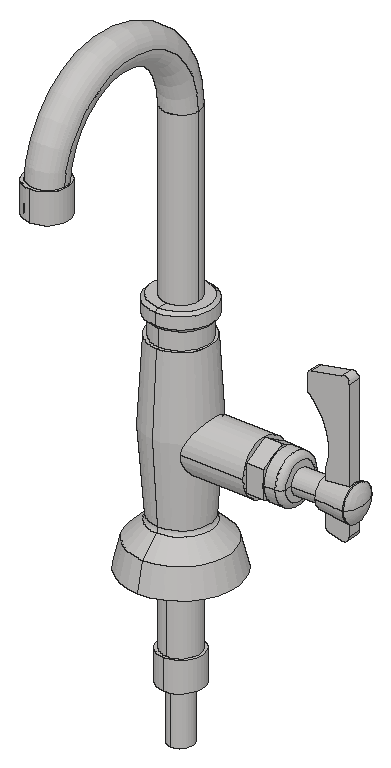
Revit family "Krowne_16-202L_DeckMount_Faucet", category Plumbing Fixtures, Revit 2018
Family settings
  Round Connector Dimension = Use Diameter
  Part Type = Normal
  OmniClass Number = 23.40.40.00
  OmniClass Title = Food Service Equipment and Furnishings
  Work Plane-Based = No
  Always vertical = Yes
  Cut with Voids When Loaded = No
  Shared = No
  Room Calculation Point = No
Parameters (values of type "DefaultType")
  Width = 4 5/8"
  Weight in Pounds = 5
  Watermarked By = ""
  Waste Water Discharge Temperature [instance] = -459.67 °F
  URL Cutsheet = ""
  URL = "https://krowne.com/"
  Status [instance] = ""
  Specification by User [instance] = ""
  Specification by Manufacturer [instance] = ""
  Serial Number [instance] = ""
  Revision Code [instance] = ""
  Plumbing Remarks [instance] = ""
  Plumbing Connection Type = ""
  NAFEM Spec ID Number [instance] = ""
  Model = "16-202L"
  Masterspec [instance] = ""
  Manufacturer = "Krowne Metal"
  KCLRef = "KCL2C9,,0004c5a8-0000-0000-0000-000000000307,KR,16-202L ,637112008020000000,d7726d96-0157-4bf8-9039-5ded62db1aae,56940d73-a319-4f29-8a30-5c94d5d0fa74"
  KCL SpecSheet URL = "http://kclweb.kclcad.com/imagehandler.ashx?kdoc=16-2xxl&R=KR&M=16-202L%20&VC=7&TID=KCLWeb&T=doc"
  Item Number [instance] = "-"
  Installed By [instance] = ""
  Hot Water Temperature = 100 °F
  Height = 3 3/8"
  Furnished By [instance] = ""
  Foodservice Equipment Identifier = yes
  Description = "Deck Mount Faucet"
  Depth = 4 7/16"
  Cold Water Temperature Recommended = -459.67 °F
  Cold Water Size = 1/2"
  Cold Water RI Height [instance] = 0"
  Cold Water Minimum Pressure = 0.00 psi
  Cold Water Maximum Pressure = 0.00 psi
  Cold Water Flow = 0.5 GPM
  Cold Water Consumption = ""
  Cold Water Connection Height = 0"
  CSI MasterFormat = ""
  Assembly Code = "E1090300"
Reference planes (in)
  plane 1 "BACK": y = 0.1875
  plane 2: z = 0
  plane 3 "LEFT": x = -13.69073
  plane 4 "CENTER L/R": x = -12.56573
  plane 5: y = -0.9375
  plane 6: z = 10.8125
  plane 7 "Faucet Lip": z = 8.1875
  plane 8: y = -4.4375
  plane 9: z = 5.125
  plane 10: x = -8.87823
Forms (in)
  Extrusion 1, solid, material "QF_Stainless-Polished"
    sketch origin (0, 0, 8.1875) x (0, 1, 0) y (-1, 0, 0)
      loop
        circle (-4.4375, 12.56573) r 0.375
      loop
        circle (-4.4375, 12.56573) r 0.4375
    from 0 to 0.625
  Sweep 2, solid, material "QF_Stainless-Polished"
    path origin (-12.56573, 0, 0) x (0, 1, 0) y (0, 0, 1)
      loop
        line (-0.9375, 5.125) -> (-0.9375, 8.6875)
        arc (-0.9375, 8.6875) -> (-2.6875, 10.4375) -> (-4.4375, 8.6875) r 1.75
        line (-4.4375, 8.6875) -> (-4.4375, 8.1875)
    profile origin (-12.56573, -0.9375, 6.90625) x (0, -1, 0) y (1, 0, 0)
      loop
        circle (0, 0) r 0.375
Lines and regions (in)
  symbolic lines
    curve 1: arc (-12.56573, -1.3125, 0) -> (-12.94073, -0.9375, 0) -> (-12.56573, -0.5625, 0) r 0.375
    curve 2: arc (-12.56573, -0.5625, 0) -> (-12.19073, -0.9375, 0) -> (-12.56573, -1.3125, 0) r 0.375
    curve 3: arc (-12.94073, -4.5, 0) -> (-12.83089, -4.76517, 0) -> (-12.56573, -4.875, 0) r 0.375
    curve 4: arc (-12.56573, -4.875, 0) -> (-12.30056, -4.76517, 0) -> (-12.19073, -4.5, 0) r 0.375
    curve 5: line (-12.94073, -4.5, 0) -> (-12.94073, -0.9375, 0)
    curve 6: line (-12.19073, -0.9375, 0) -> (-12.19073, -4.5, 0)
Dimensions and locks (in)
  plane 8 to plane 5 = 3 1/2"
  plane 7 "Faucet Lip" to plane 9 = 3 1/16"
  plane 5 to plane 1 "BACK" = 1 1/8"
  plane 6 to plane 9 = 5 11/16"
  plane 3 "LEFT" to plane 10 = 4 13/16"
  aligned and locked: level to plane 2
  aligned and locked: plane 5 to nested 1
  aligned and locked: Sweep 2 sketch curve to plane 8
Nested families (in)
  nested 1: "QF_Krowne_16-2_Body" at (-0.1875, 0.1875, 0), type "QF_Krowne_16-2_Body"
Connectors (in)
  piping at (-12.56573, -0.9375, -3.25), diameter 0.5, driven by "Cold Water Flow", driven by "Cold Water Size"
    settings: on nested 1, index 1, connector inside diameter 24", connector length 0", flow factor 0, pipe flow 0.5 GPM, pressure drop 0.00 psi, fitting loss kfactor 0, connector angle 0.00°, fixture units 0, engagement length 0", angle of deflection 0.00°, flow configuration 1, flow direction 1, fitting loss method 0, system type 20, joint type 0, gender type 0, connector reference index -1, connector utility 0, adjustable connector no, is connector primary yes, connector description ""
Definition of nested family "QF_Krowne_16-2_Body"
  Parameters (values of type "QF_Krowne_16-2_Body")
    Width = 2 1/4"
    Watermarked By = ""
    Height = 3 7/8"
    Description = ""
    Depth = 2 1/4"
  Reference planes (in)
    plane 1 "BACK": y = 0
    plane 2: z = 0
    plane 3 "LEFT": x = -13.50323
    plane 4 "RIGHT": x = -11.25323
    plane 5 "Center": x = -12.37823
    plane 6 "FRONT": y = -2.25
    plane 7 "Faucet Handle Center": y = -1.125
    plane 8: z = 4.375
    plane 9: z = 4.75
    plane 10 "TOP": z = 5.125
    plane 11: z = 2.5
    plane 12: x = -10.56573
    plane 13: x = -8.69073
  Forms (in)
    Revolve 1, solid
      sketch origin (-12.37823, 0, 0) x (0, 1, 0) y (0, 0, 1)
        loop
          line (-1.125, 0) -> (0, 0) -> (-0.13978, 0.55911) -> (-0.49693, 0.91626)
          arc (-0.49693, 0.91626) -> (-0.5271, 0.96505) -> (-0.5323, 1.02217) r 0.125
          arc (-0.5323, 1.02217) -> (-0.40613, 2.69753) -> (-0.5, 4.375) r 12.82782
          line (-0.5, 4.375) -> (-1.125, 4.375) -> (-1.125, 0)
        axis (-1.125, 0) -> (-1.125, 4.375)
      angle from 0 to 360
    Revolve 2, solid
      sketch origin (-12.37823, 0, 0) x (0, 1, 0) y (0, 0, 1)
        loop
          line (-1.125, 5.125) -> (-1.125, 4.375) -> (-0.5625, 4.375) -> (-0.5625, 4.75) -> (-0.53067, 4.75) -> (-0.46817, 4.8125) -> (-0.46817, 5.0625) -> (-0.53067, 5.125) -> (-1.125, 5.125)
        axis (-1.125, 4.375) -> (-1.125, 5.125)
      angle from 0 to 360
    Extrusion 3, solid
      sketch origin (-12.37823, 0, 0) x (0, 1, 0) y (0, 0, 1)
        loop
          circle (-1.125, 2.5) r 0.5625
      from 0 to 1.75
    Revolve 4, solid
      sketch origin (-12.37823, 0, 0) x (0, 1, 0) y (0, 0, 1)
        loop
          line (-1.125, 0) -> (-1.125, -3.0198) -> (-0.9375, -3.0198) -> (-0.9375, -3.25) -> (-0.875, -3.25) -> (-0.875, -2.125) -> (-0.6875, -2.125) -> (-0.6875, -1.5) -> (-0.75, -1.5) -> (-0.75, 0) -> (-1.125, 0)
        axis (-1.125, 0) -> (-1.125, -3.25)
      angle from 0 to 360
  Lines and regions (in)
    symbolic lines
      curve 1: line (-10.62823, -0.5625, 1.0625) -> (-10.62823, -1.6875, 1.0625)
      curve 2: circle (-12.37823, -1.125, 0) r 1.125 normal (0, 0, 1)
      curve 3: circle (-12.37823, -1.125, 0) r 0.75 normal (0, 0, 1)
      curve 4: circle (-12.37823, -1.125, 0) r 0.59433 normal (0, 0, 1)
      curve 5: line (-10.62823, -0.5625, 0) -> (-11.40395, -0.5625, 0)
      curve 6: line (-10.62823, -1.6875, 0) -> (-11.40395, -1.6875, 0)
  Dimensions and locks (in)
    "Width": plane 3 "LEFT" to plane 4 "RIGHT"
    equal spacing: plane 3 "LEFT", plane 5 "Center", plane 4 "RIGHT"
    equal spacing: plane 6 "FRONT", plane 7 "Faucet Handle Center", plane 1 "BACK"
    "Depth": plane 6 "FRONT" to plane 1 "BACK"
    equal spacing: plane 10 "TOP", plane 9, plane 8
    locked: plane 10 "TOP" to plane 8 at 0.75
    plane 10 "TOP" to level = 5 1/8"
    plane 11 to level = 2 1/2"
    locked: plane 4 "RIGHT" to plane 12 at 0.6875
    plane 12 to plane 13 = 1 7/8"
    plane 3 "LEFT" to plane 13 = 4 13/16"
    aligned and locked: level to plane 2
    aligned and locked: plane 7 "Faucet Handle Center" to Revolve 1 sketch curve
    aligned and locked: Revolve 2 sketch curve to plane 7 "Faucet Handle Center"
    aligned and locked: Revolve 2 sketch curve to plane 8
    aligned and locked: plane 11 to nested 1
    aligned and locked: plane 7 "Faucet Handle Center" to nested 1
  Automatic sketch dimensions
    Revolve 2 sketch curve to plane 7 "Faucet Handle Center" = 0"
    Revolve 2 sketch curve to plane 9 = 0"
    Revolve 2 sketch curve to plane 10 "TOP" = 0"  (x2)
    Revolve 2 sketch curve to plane 8 = 0"
    plane 1 "BACK" to Revolve 2 sketch curve = 9/16"
    Revolve 2 sketch curve to Revolve 2 sketch curve = 0.03183"
    plane 1 "BACK" to Revolve 2 sketch curve = 0.53067"
    Revolve 2 sketch curve to Revolve 2 sketch curve = 1/16"
    plane 9 to Revolve 2 sketch curve = 1/16"
    Revolve 2 sketch curve to plane 10 "TOP" = 1/16"
    Extrusion 3 sketch curve to plane 7 "Faucet Handle Center" = 0"
    Extrusion 3 sketch curve to plane 11 = 0"
    curve 1 to plane 6 "FRONT" = 9/16"
    Revolve 1 sketch curve to level = 0"  (x2)
    Revolve 1 sketch curve to plane 7 "Faucet Handle Center" = 0"
    Revolve 1 sketch curve to plane 8 = 0"  (x2)
    Revolve 1 sketch curve to plane 1 "BACK" = 0"
    plane 11 to Revolve 1 sketch curve = 0.32111"
    plane 1 "BACK" to Revolve 1 sketch curve = 0.40854"
    plane 1 "BACK" to Revolve 1 sketch curve = 0.13978"
    level to Revolve 1 sketch curve = 0.55911"
    Revolve 1 sketch curve to Revolve 1 sketch curve = 0.44554"
    Revolve 1 sketch curve to Revolve 1 sketch curve = 0.12376"
    Revolve 1 sketch curve to Revolve 1 sketch curve = 0"
    Revolve 1 sketch curve to Revolve 1 sketch curve = 0.03538"
    Revolve 1 sketch curve to Revolve 1 sketch curve = 0.10592"
    curve 2 to curve 3 = 0"
    curve 2 to curve 4 = 0"  (x2)
    curve 3 to curve 4 = 0"
    curve 3 to plane 5 "Center" = 0"
    plane 7 "Faucet Handle Center" to curve 4 = 0"
    curve 5 to plane 4 "RIGHT" = 0.15072"
    curve 6 to plane 4 "RIGHT" = 0.15072"
    curve 6 to plane 12 = 1/16"
    curve 5 to plane 12 = 1/16"
    plane 1 "BACK" to curve 5 = 9/16"
    plane 1 "BACK" to curve 1 = 9/16"
    curve 1 to plane 12 = 1/16"
    Revolve 4 sketch curve to level = 0"  (x2)
    Revolve 4 sketch curve to plane 7 "Faucet Handle Center" = 0"  (x2)
    Revolve 4 sketch curve to plane 7 "Faucet Handle Center" = 3/8"
    Revolve 4 sketch curve to Revolve 4 sketch curve = 1/16"  (x2)
    Revolve 4 sketch curve to level = 1 1/2"
    Revolve 4 sketch curve to Revolve 4 sketch curve = 5/8"
    Revolve 4 sketch curve to Revolve 4 sketch curve = 3/16"
    Revolve 4 sketch curve to Revolve 4 sketch curve = 0.8948"
    Revolve 4 sketch curve to Revolve 4 sketch curve = 0.2302"  (x2)
    radius of Extrusion 3 sketch curve = 9/16"
    radius of curve 3 = 3/4"
    radius of curve 4 = 0.59433"
  Nested families (in)
    nested 1: "QF_Krowne_Faucet_Knob" at (-2.25, -0.21875, 2.5), type "QF_Krowne_Faucet_Knob"
  Definition of nested family "QF_Krowne_Faucet_Knob"
    Parameters (values of type "QF_Krowne_Faucet_Knob")
      Width = 12 3/4"
      Watermarked By = ""
      Height = 3 7/8"
      Description = ""
      Depth = 1 13/16"
    Reference planes (in)
      plane 1 "BACK": y = 0
      plane 2: z = 0
      plane 3 "Right of Handle": x = -8.37823
      plane 4 "FRONT": y = -1.8125
      plane 5 "Faucet Handle Center": y = -0.90625
      plane 6: y = -0.78125
      plane 7: y = -1.03125
    Forms (in)
      Extrusion 1, solid
        sketch origin (-8.37823, 0, 8.37823) x (0, 1, 0) y (0, 0, 1)
          loop
            line (-0.90625, -7.81573) -> (-1.39339, -8.09698) -> (-1.39339, -8.65948) -> (-0.90625, -8.94073) -> (-0.41911, -8.65948) -> (-0.41911, -8.09698) -> (-0.90625, -7.81573)
        from 0 to 0.375
      Revolve 2, solid
        sketch origin (-12.37823, 0, 0) x (0, 1, 0) y (-1, 0, 0)
          loop
            line (-0.90625, -4.375) -> (-0.90625, -4.75) -> (-0.53125, -4.75)
            arc (-0.53125, -4.75) -> (-0.44286, -4.71339) -> (-0.40625, -4.625) r 0.125
            line (-0.40625, -4.625) -> (-0.40625, -4.375) -> (-0.90625, -4.375)
          axis (-0.90625, -4.375) -> (-0.90625, -4.75)
        angle from 0 to 360
      Revolve 3, solid
        sketch origin (-12.37823, 0, 0) x (0, 1, 0) y (-1, 0, 0)
          loop
            line (-0.90625, -4.75) -> (-0.90625, -5.3125) -> (-0.65625, -5.3125) -> (-0.65625, -4.75) -> (-0.90625, -4.75)
          axis (-0.90625, -4.75) -> (-0.90625, -5.3125)
        angle from 0 to 360
      Revolve 4, solid
        sketch origin (-12.37823, 0, 0) x (0, 1, 0) y (-1, 0, 0)
          loop
            line (-0.90625, -5.3125) -> (-0.90625, -5.9375) -> (-0.53125, -5.9375) -> (-0.59375, -5.3125) -> (-0.90625, -5.3125)
          axis (-0.90625, -5.3125) -> (-0.90625, -5.9375)
        angle from 0 to 360
      Revolve 5, solid
        sketch origin (-12.37823, 0, 0) x (0, 1, 0) y (-1, 0, 0)
          loop
            line (-0.90625, -5.9375) -> (-0.90625, -6.0625)
            arc (-0.90625, -6.0625) -> (-0.70704, -6.03513) -> (-0.53125, -5.9375) r 0.54601
            line (-0.53125, -5.9375) -> (-0.90625, -5.9375)
          axis (-0.90625, -5.9375) -> (-0.90625, -6.0625)
        angle from 0 to 360
      Extrusion 6, solid
        sketch origin (-12.37823, -0.90625, 8.37823) x (0, 0, 1) y (-1, 0, 0)
          loop
            arc (-6.12823, -5.875) -> (-6.03156, -5.82925) -> (-6.00565, -5.72549) r 0.125
            line (-6.00565, -5.72549) -> (-6.13064, -5.10053)
            arc (-6.13064, -5.10053) -> (-6.17396, -5.02837) -> (-6.25321, -5.00004) r 0.125
            line (-6.25321, -5.00004) -> (-6.5031, -5.00004)
            arc (-6.5031, -5.00004) -> (-6.55588, -5.01173) -> (-6.59879, -5.04462) r 0.125
            arc (-6.59879, -5.04462) -> (-7.17151, -5.40979) -> (-7.85017, -5.38199) r 1.13354
            arc (-7.85017, -5.38199) -> (-7.871, -5.37648) -> (-7.89247, -5.37462) r 0.125
            line (-7.89247, -5.37462) -> (-8.92568, -5.37462)
            arc (-8.92568, -5.37462) -> (-9.00493, -5.40295) -> (-9.04825, -5.47511) r 0.125
            line (-9.04825, -5.47511) -> (-9.09832, -5.72549)
            arc (-9.09832, -5.72549) -> (-9.07242, -5.82925) -> (-8.97575, -5.875) r 0.125
            line (-8.97575, -5.875) -> (-6.12823, -5.875)
        from -0.125 to 0.125
    Lines and regions (in)
      symbolic lines
        curve 1: line (-8.37823, -1.39339, 1.0625) -> (-8.37823, -0.41911, 1.0625)
        curve 2: line (-8.00323, -0.41911, 1.0625) -> (-8.00323, -1.39339, 1.0625)
        curve 3: line (-7.62823, -0.54411, 1.0625) -> (-7.62823, -1.26839, 1.0625)
        curve 4: line (-7.75323, -0.41911, 1.0625) -> (-8.37823, -0.41911, 1.0625)
        curve 5: line (-8.37823, -1.39339, 1.0625) -> (-7.75323, -1.39339, 1.0625)
        curve 6: line (-7.06573, -0.59375, 1.0625) -> (-7.06573, -1.21875, 1.0625)
        curve 7: line (-6.44073, -0.53125, 1.0625) -> (-6.44073, -1.28125, 1.0625)
        curve 8: arc (-7.62823, -0.54411, 1.0625) -> (-7.66484, -0.45572, 1.0625) -> (-7.75323, -0.41911, 1.0625) r 0.125
        curve 9: arc (-7.75323, -1.39339, 1.0625) -> (-7.66484, -1.35678, 1.0625) -> (-7.62823, -1.26839, 1.0625) r 0.125
        curve 10: line (-7.06573, -0.59375, 1.0625) -> (-6.44073, -0.53125, 1.0625)
        curve 11: line (-7.06573, -1.21875, 1.0625) -> (-6.44073, -1.28125, 1.0625)
        curve 12: arc (-6.44073, -1.28125, 1.0625) -> (-6.2854, -0.90625, 1.0625) -> (-6.44073, -0.53125, 1.0625) r 0.53035
        curve 13: line (-7.62823, -0.66911, 1.0625) -> (-7.06573, -0.66911, 1.0625)
        curve 14: line (-7.62823, -1.14339, 1.0625) -> (-7.06573, -1.14339, 1.0625)
    Dimensions and locks (in)
      equal spacing: plane 4 "FRONT", plane 5 "Faucet Handle Center", plane 1 "BACK"
      equal spacing: plane 7, plane 5 "Faucet Handle Center", plane 6
      locked: plane 7 to plane 6 at 0.25
      "Depth": plane 4 "FRONT" to plane 1 "BACK"
      aligned and locked: level to plane 2
      aligned and locked: Revolve 2 sketch curve to Extrusion 1
      aligned and locked: Revolve 4 sketch curve to Revolve 4 sketch curve
    Automatic sketch dimensions
      Extrusion 1 sketch curve to plane 5 "Faucet Handle Center" = 0"  (x2)
      Extrusion 1 sketch curve to level = 9/32"  (x2)
      plane 7 to Extrusion 1 sketch curve = 0.36214"
      Extrusion 1 sketch curve to plane 6 = 0.36214"
      Extrusion 1 sketch curve to level = 9/16"
      level to Extrusion 1 sketch curve = 9/32"  (x2)
      Extrusion 1 sketch curve to Extrusion 1 sketch curve = 9/32"
      plane 5 "Faucet Handle Center" to Revolve 2 sketch curve = 0"  (x2)
      Revolve 2 sketch curve to plane 6 = 1/4"
      Revolve 2 sketch curve to Revolve 2 sketch curve = 1/8"
      Revolve 2 sketch curve to Revolve 2 sketch curve = 0"  (x2)
      Revolve 2 sketch curve to Revolve 2 sketch curve = 1/4"
      plane 5 "Faucet Handle Center" to Revolve 3 sketch curve = 0"  (x2)
      Revolve 3 sketch curve to plane 6 = 1/8"
      plane 3 "Right of Handle" to Revolve 3 sketch curve = 1 5/16"
      Revolve 3 sketch curve to Revolve 3 sketch curve = 9/16"
      Revolve 3 sketch curve to Revolve 3 sketch curve = 0"
      Revolve 3 sketch curve to Revolve 3 sketch curve = 3/8"
      plane 5 "Faucet Handle Center" to Revolve 4 sketch curve = 0"
      Revolve 4 sketch curve to plane 6 = 3/16"
      Revolve 4 sketch curve to plane 6 = 1/4"
      plane 3 "Right of Handle" to Revolve 4 sketch curve = 1 15/16"
      Revolve 4 sketch curve to Revolve 4 sketch curve = 5/8"
      Revolve 4 sketch curve to Revolve 4 sketch curve = 0"  (x2)
      plane 5 "Faucet Handle Center" to Revolve 5 sketch curve = 0"  (x2)
      Revolve 5 sketch curve to plane 5 "Faucet Handle Center" = 0.02655"
      Revolve 5 sketch curve to plane 6 = 1/4"
      plane 3 "Right of Handle" to Revolve 5 sketch curve = 2 1/16"
      Revolve 5 sketch curve to Revolve 5 sketch curve = 1/8"
      Revolve 5 sketch curve to Revolve 5 sketch curve = 0"  (x2)
      Extrusion 6 sketch curve to level = 0.7201"
      Extrusion 6 sketch curve to Extrusion 6 sketch curve = 0.05007"
      Extrusion 6 sketch curve to Extrusion 6 sketch curve = 0.12257"  (x4)
      level to Extrusion 6 sketch curve = 0.48575"
      level to Extrusion 6 sketch curve = 0.91165"
      Extrusion 6 sketch curve to Extrusion 6 sketch curve = 0.96348"
      Extrusion 6 sketch curve to Extrusion 6 sketch curve = 0.24989"
      Extrusion 6 sketch curve to Extrusion 6 sketch curve = 1/8"  (x3)
      plane 3 "Right of Handle" to Extrusion 6 sketch curve = 1 7/8"
      Extrusion 6 sketch curve to Extrusion 6 sketch curve = 0.25038"
      Extrusion 6 sketch curve to Extrusion 6 sketch curve = 0"  (x3)
      Extrusion 6 sketch curve to Extrusion 6 sketch curve = 0.02451"  (x2)
      Extrusion 6 sketch curve to Extrusion 6 sketch curve = 0.62496"
      Extrusion 6 sketch curve to Extrusion 6 sketch curve = 1.05929"
      curve 5 to plane 3 "Right of Handle" = 0"
      plane 5 "Faucet Handle Center" to curve 12 = 0"
      plane 7 to curve 11 = 3/16"
      plane 7 to curve 9 = 0.23714"
      plane 7 to curve 7 = 1/4"
      plane 7 to curve 1 = 0.36214"
      curve 6 to plane 6 = 3/16"
      curve 8 to plane 6 = 0.23714"
      curve 4 to plane 6 = 0.36214"
      curve 4 to curve 1 = 5/8"
      curve 10 to curve 8 = 9/16"
      curve 12 to curve 13 = 0.24997"
      curve 7 to curve 12 = 0.37503"
      curve 6 to curve 14 = 0.07536"
      curve 13 to plane 6 = 0.11214"
      curve 4 to curve 2 = 1/4"
